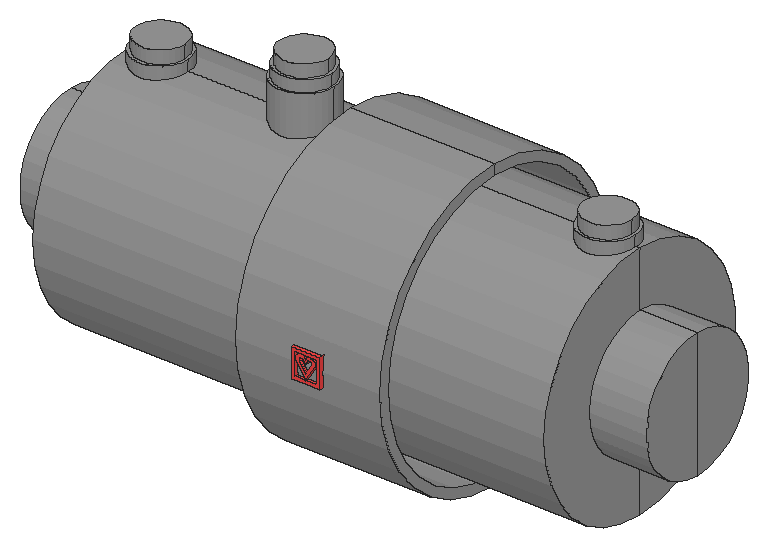
Revit family "HERZ System Separator 0307 AG-AG", category Rohrzubehör, Revit 2018
Family settings
  Bemaßung runder Anschluss = Durchmesser verwenden
  Teiletyp = Unterbricht
  OmniClass-Nummer = 23.65.55.14
  OmniClass-Titel = Valves for Liquid Services
  Arbeitsebenenbasiert = Nein
  Immer vertikal = Ja
  Beim Laden mit Abzugskörper schneiden = Nein
  Gemeinsam genutzt = Nein
Parameters (values of type "AG-AG DN40-DN40")
  URL = "www.herzvalves.com"
  SCTWSEQ = "AW;SBT_TYP_AW=\"104\";2"
  SCTWCODE = "04;12;02"  # constant formula
  S03 = 15.000 mm  # constant formula
  S02 = 45.000 mm  # constant formula
  S01 = 98.000 mm  # constant formula
  Nennweite Ein [instance] = if(AG_AG_DN40_DN40, 40.000 mm, if(AG_AG_DN40_DN50, 40.000 mm, if(AG_AG_DN50_DN40, 50.000 mm, if(AG_AG_DN50_DN50, 50.000 mm, 0.000 mm))))  # 40.000 mm
  Nennweite Aus [instance] = if(AG_AG_DN40_DN40, 40.000 mm, if(AG_AG_DN40_DN50, 50.000 mm, if(AG_AG_DN50_DN40, 40.000 mm, if(AG_AG_DN50_DN50, 50.000 mm, 0.000 mm))))  # 40.000 mm
  Model = "The backflow preventer has been developed in accordance with the standard DIN EN 1717.\r\nAccording to this standard, the water quality is divided up into 5 classes depending on the degree of contamination.\r\nBackflow preventers of type BA provide protection against non-drinking water up to hazard class 4.\r\nThis is the highest hazard class that may be safeguarded with a valve.\r\nSafeguarding a standpipe with a lower form of protection than a system separator of type BA per DIN EN 1717 is no longer reflective of current engineering practice and the operator is therefore liable in the event of damage with such a standpipe.\r\nThe functional unit is designed as a single-piece cartridge with large-dimension control piston and pressure surge-damped discharge valve system.\r\nThreaded connections are mutually interchangeable, whereby 16 possible connection variants exist (intake and outlet side available in 1 1/2\" inner or outer thread, alternatively in 2\" inner or outer thread)."
  Medium = "Water (without steam)"  # constant formula
  Max. permissible temperature (short-term) = 80 °C  # constant formula
  Max. operating temperature = 65 °C  # constant formula
  Max. operating pressure = 1000000.0 Pa  # constant formula
  L05 = 73.000 mm  # constant formula
  L04 = 28.000 mm  # constant formula
  L03 = 87.500 mm  # constant formula
  L02 = 18.000 mm  # constant formula
  L01 = 196.000 mm  # constant formula
  Installation position = "Horizontal or perpendicular pointing downwards"  # constant formula
  Note = "Pursuant to Article 33 of the REACH Regulation (EC No. 1907/2006), we are obliged to point out that the material lead is listed on the SVHC list and that all brass components manufactured in our products exceed 0.1% (w / w) lead (CAS: 7439-92-1 / EINECS: 231-100-4).\r\nSince lead is a component part of an alloy, actual exposure is not possible and therefore no additional information on safe use is necessary."
  Hersteller = "HERZ Armaturen Ges.m.b.H."  # constant formula
  D02 = 45.000 mm  # constant formula
  D01 = 37.500 mm  # constant formula
  Body = "stainless steel"  # constant formula
  Part number [instance] = if(AG_AG_DN40_DN40, "I030703", if(AG_AG_DN40_DN50, "I030711", if(AG_AG_DN50_DN40, "I030715", if(AG_AG_DN50_DN50, "I030707", "0"))))  # "I030703"
  Application = "The backflow preventer is an economical solution for retrofitting to standpipes that are required to have a mandatory safety valve according to DIN EN 1717 for preventing the back-suction, back-flowing or back-pressuring of non-drinking water into the drinking water line.\r\nThe backflow preventer is suitable for horizontal installation.\r\nIt can also be fitted perpendicular, although only pointing downwards.\r\nIt is not approved for installation in a riser."
  AG_AG_DN50_DN50 = no
  AG_AG_DN50_DN40 = no
  AG_AG_DN40_DN50 = no
  AG_AG_DN40_DN40 = yes
  AG Aus [instance] = Nennweite Aus / 2  # 20.000 mm
  AG Ein [instance] = Nennweite Ein / 2  # 20.000 mm
Types (5, lengths in mm): name | Nennweite Ein | Nennweite Aus | Model | Part number | AG_AG_DN50_DN50 | AG_AG_DN50_DN40 | AG_AG_DN40_DN50 | AG_AG_DN40_DN40 | AG Aus | AG Ein
  (no name) | 40.000 | 40.000 | "The backflow preventer has been developed in accordance with the standard DIN EN 1717.\r\nAccording to this standard, the water quality is divided up into 5 classes depending on the degree of contamination.\r\nBackflow preventers of type BA provide protection against non-drinking water up to hazard class 4.\r\nThis is the highest hazard class that may be safeguarded with a valve.\r\nSafeguarding a standpipe with a lower form of protection than a system separator of type BA per DIN EN 1717 is no longer reflective of current engineering practice and the operator is therefore liable in the event of damage with such a standpipe.\r\nThe functional unit is designed as a single-piece cartridge with large-dimension control piston and pressure surge-damped discharge valve system.\r\nThreaded connections are mutually interchangeable, whereby 16 possible connection variants exist (intake and outlet side available in 1 1/2\" inner or outer thread, alternatively in 2\" inner or outer thread)." | "I030703" | no | no | no | yes | 20.000 | 20.000
  AG-AG DN40-DN50 | 40.000 | 50.000 | "The backflow preventer has been developed in accordance with the standard DIN EN 1717.\r\nAccording to this standard, the water quality is divided up into 5 classes depending on the degree of contamination.\r\nBackflow preventers of type BA provide protection against non-drinking water up to hazard class 4.\r\nThis is the highest hazard class that may be safeguarded with a valve.\r\nSafeguarding a standpipe with a lower form of protection than a system separator of type BA per DIN EN 1717 is no longer reflective of current engineering practice and the operator is therefore liable in the event of damage with such a standpipe.\r\n\r\nThe functional unit is designed as a single-piece cartridge with large-dimension control piston and pressure surge-damped discharge valve system.\r\nThreaded connections are mutually interchangeable, whereby 16 possible connection variants exist (intake and outlet side available in 1 1/2\" inner or outer thread, alternatively in 2\" inner or outer thread)." | "I030711" | no | no | yes | no | 25.000 | 20.000
  AG-AG DN40-DN40 | 40.000 | 40.000 | "The backflow preventer has been developed in accordance with the standard DIN EN 1717.\r\nAccording to this standard, the water quality is divided up into 5 classes depending on the degree of contamination.\r\nBackflow preventers of type BA provide protection against non-drinking water up to hazard class 4.\r\nThis is the highest hazard class that may be safeguarded with a valve.\r\nSafeguarding a standpipe with a lower form of protection than a system separator of type BA per DIN EN 1717 is no longer reflective of current engineering practice and the operator is therefore liable in the event of damage with such a standpipe.\r\nThe functional unit is designed as a single-piece cartridge with large-dimension control piston and pressure surge-damped discharge valve system.\r\nThreaded connections are mutually interchangeable, whereby 16 possible connection variants exist (intake and outlet side available in 1 1/2\" inner or outer thread, alternatively in 2\" inner or outer thread)." | "I030703" | no | no | no | yes | 20.000 | 20.000
  AG-AG DN50-DN50 | 50.000 | 50.000 | "The backflow preventer has been developed in accordance with the standard DIN EN 1717.\r\nAccording to this standard, the water quality is divided up into 5 classes depending on the degree of contamination.\r\nBackflow preventers of type BA provide protection against non-drinking water up to hazard class 4.\r\nThis is the highest hazard class that may be safeguarded with a valve.\r\nSafeguarding a standpipe with a lower form of protection than a system separator of type BA per DIN EN 1717 is no longer reflective of current engineering practice and the operator is therefore liable in the event of damage with such a standpipe.\r\n\r\nThe functional unit is designed as a single-piece cartridge with large-dimension control piston and pressure surge-damped discharge valve system.\r\nThreaded connections are mutually interchangeable, whereby 16 possible connection variants exist (intake and outlet side available in 1 1/2\" inner or outer thread, alternatively in 2\" inner or outer thread)." | "I030707" | yes | no | no | no | 25.000 | 25.000
  AG-AG DN50-DN40 | 50.000 | 40.000 | "The backflow preventer has been developed in accordance with the standard DIN EN 1717.\r\nAccording to this standard, the water quality is divided up into 5 classes depending on the degree of contamination.\r\nBackflow preventers of type BA provide protection against non-drinking water up to hazard class 4.\r\nThis is the highest hazard class that may be safeguarded with a valve.\r\nSafeguarding a standpipe with a lower form of protection than a system separator of type BA per DIN EN 1717 is no longer reflective of current engineering practice and the operator is therefore liable in the event of damage with such a standpipe.\r\n\r\nThe functional unit is designed as a single-piece cartridge with large-dimension control piston and pressure surge-damped discharge valve system.\r\nThreaded connections are mutually interchangeable, whereby 16 possible connection variants exist (intake and outlet side available in 1 1/2\" inner or outer thread, alternatively in 2\" inner or outer thread)." | "I030715" | no | yes | no | no | 20.000 | 25.000
Reference planes
  plane 1 "Mitte (Vorne/hinten)": y = 0
  plane 2: z = 0
  plane 3 "Mitte (Links/rechts)": x = 0
Forms (mm)
  Revolve 1, solid, material "Messing, weicher Gelbton, geschweißt", detail levels fine
    sketch origin (0, 0, 0) x (1, 0, 0) y (0, 0, 1)
      loop
        line (-98, 0) -> (98, 0) -> (98, 20) -> (80, 20) -> (80, 37.5) -> (-80, 37.5) -> (-80, 20) -> (-98, 20) -> (-98, 0)
      axis (-98, 0) -> (98, 0)
    angle from 0 to 360
  Revolve 2, solid, material "Acetalharz, Schwarz", detail levels fine
    sketch origin (0, 0, 0) x (1, 0, 0) y (0, 0, 1)
      loop
        line (-10.5, 0) -> (1.5, 0) -> (1.5, 42) -> (34.5, 42) -> (34.5, 45) -> (-10.5, 45) -> (-10.5, 0)
      axis (-10.5, 0) -> (34.5, 0)
    angle from 0 to 360
  Extrusion 3, solid, material "Messing, weicher Gelbton, geschweißt", detail levels fine
    sketch origin (0, 0, 0) x (1, 0, 0) y (0, 1, 0)
      loop
        circle (-70, 0) r 8.5
      loop
        circle (70, 0) r 8.5
    from 0 to 40.5
  Extrusion 4, solid, material "Acetalharz, Schwarz", detail levels fine
    sketch origin (0, 0, 0) x (1, 0, 0) y (0, 1, 0)
      loop
        circle (-70, 0) r 7.5
      loop
        circle (70, 0) r 7.5
    from 40.5 to 44.5
  Extrusion 5, solid, material "Messing, weicher Gelbton, geschweißt", detail levels fine
    sketch origin (0, 0, 0) x (1, 0, 0) y (0, 1, 0)
      loop
        circle (-25, 0) r 9.3
    from 0 to 49
  Extrusion 6, solid, material "Messing, weicher Gelbton, geschweißt", detail levels fine
    sketch origin (0, 0, 0) x (1, 0, 0) y (0, 1, 0)
      loop
        circle (-25, 0) r 8.5
    from 49 to 52.5
  Extrusion 7, solid, material "Acetalharz, Schwarz", visible <- "AG_AG_DN40_DN50", detail levels fine
    sketch origin (0, 0, 0) x (1, 0, 0) y (0, 1, 0)
      loop
        circle (-25, 0) r 7.5
    from 52.5 to 56.5
  Extrusion 8, solid, material "Acetalharz, Schwarz", visible <- "AG_AG_DN40_DN40", detail levels fine
    sketch origin (0, 0, 0) x (1, 0, 0) y (0, 1, 0)
      loop
        circle (-25, 0) r 7.5
    from 52.5 to 56.4
  Extrusion 9, solid, material "Acetalharz, Schwarz", visible <- "AG_AG_DN50_DN50", detail levels fine
    sketch origin (0, 0, 0) x (1, 0, 0) y (0, 1, 0)
      loop
        circle (-25, 0) r 7.5
    from 52.5 to 56.3
  Extrusion 10, solid, material "Acetalharz, Schwarz", visible <- "AG_AG_DN50_DN40", detail levels fine
    sketch origin (0, 0, 0) x (1, 0, 0) y (0, 1, 0)
      loop
        circle (-25, 0) r 7.5
    from 52.5 to 56.2
Lines and regions (mm)
  model lines, detail levels coarse+medium
    curve 1: line (-98, 0, 37.5) -> (98, 0, 37.5)
    curve 2: line (-98, 0, -37.5) -> (-98, 0, 37.5)
    curve 3: line (98, 0, -37.5) -> (-98, 0, -37.5)
    curve 4: line (98, 0, 37.5) -> (98, 0, -37.5)
    curve 5: line (-98, 0, -22.5) -> (-53, 0, -22.5)
    curve 6: line (0, 0, -22.5) -> (98, 0, -22.5)
    curve 7: line (-98, 0, 22.5) -> (-53, 0, 22.5)
    curve 8: line (0, 0, 22.5) -> (98, 0, 22.5)
    curve 9: line (-98, 37.5, 0) -> (98, 37.5, 0)
    curve 10: line (-98, -37.5, 0) -> (-98, 37.5, 0)
    curve 11: line (98, -37.5, 0) -> (-98, -37.5, 0)
    curve 12: line (98, 37.5, 0) -> (98, -37.5, 0)
    curve 13: line (-98, 22.5, 0) -> (-53, 22.5, 0)
    curve 14: line (0, 22.5, 0) -> (98, 22.5, 0)
    curve 15: line (-98, -22.5, 0) -> (-53, -22.5, 0)
    curve 16: line (0, -22.5, 0) -> (98, -22.5, 0)
Dimensions and locks
  "L02": Revolve 1 sketch curve to Revolve 1 sketch curve  (x2)
  "L01": Revolve 1 sketch curve to Revolve 1 sketch curve
  equal spacing: Revolve 1 sketch curve, plane 3 "Mitte (Links/rechts)", Revolve 1 sketch curve
  "AG Ein": Revolve 1 sketch curve to plane 2
  "AG Aus": Revolve 1 sketch curve to plane 2
  "D01": Revolve 1 sketch curve to plane 2
  "L03": Revolve 1 to Revolve 2 sketch curve
  equal spacing: curve 4, plane 3 "Mitte (Links/rechts)", curve 2
  "L01": curve 4 to curve 2
  "D01": curve 1 to plane 2 to curve 3
  "S03": curve 5 to curve 3
  "S03": curve 1 to curve 7
  "S03": curve 1 to curve 8
  "S03": curve 6 to curve 3
  "S02": curve 5 to curve 2
  "S02": curve 7 to curve 2
  "S01": curve 8 to curve 4
  "S01": curve 6 to curve 4
  equal spacing: curve 10, plane 3 "Mitte (Links/rechts)", curve 12
  "L01": curve 10 to curve 12
  "D01": curve 11 to plane 1 "Mitte (Vorne/hinten)" to curve 9
  "S03": curve 13 to curve 9
  "S03": curve 11 to curve 15
  "S03": curve 14 to curve 9
  "S03": curve 11 to curve 16
  "S01": curve 14 to curve 12
  "S01": curve 16 to curve 12
  "S02": curve 10 to curve 15
  "S02": curve 10 to curve 13
  "D02": Revolve 2 sketch curve to Revolve 2 sketch curve
  equal spacing: Revolve 2, nested 1, Revolve 2
  "D02": nested 1 to plane 1 "Mitte (Vorne/hinten)"
  "L04": Revolve 1 to Extrusion 3 sketch curve
  "L04": Extrusion 3 sketch curve to Revolve 1
  "L04": Extrusion 4 sketch curve to Revolve 1
  "L04": Revolve 1 to Extrusion 4 sketch curve
  "L05": Revolve 1 to Extrusion 5 sketch curve
  "L05": Revolve 1 to Extrusion 6 sketch curve
  "L05": Revolve 1 to Extrusion 10 sketch curve
  "L05": Revolve 1 to Extrusion 9 sketch curve
  "L05": Revolve 1 to Extrusion 8 sketch curve
  "L05": Revolve 1 to Extrusion 7 sketch curve
  aligned and locked: level to plane 2
Automatic sketch dimensions
  Revolve 1 sketch curve to level = 0.000 mm  (x2)
  Revolve 1 sketch curve to Revolve 1 sketch curve = 1408.530 mm
  Revolve 1 sketch curve to Revolve 1 sketch curve = 1741.148 mm
  Revolve 2 sketch curve to level = 0.000 mm  (x2)
  plane 3 "Mitte (Links/rechts)" to Revolve 2 sketch curve = 1.500 mm
  Revolve 2 sketch curve to Revolve 2 sketch curve = 33.000 mm
  Revolve 2 sketch curve to Revolve 2 sketch curve = 3.000 mm
  Revolve 2 sketch curve to Revolve 2 sketch curve = 1496.030 mm
  Revolve 2 sketch curve to Revolve 2 sketch curve = 1804.648 mm
  plane 1 "Mitte (Vorne/hinten)" to Extrusion 3 sketch curve = 0.000 mm  (x2)
  plane 1 "Mitte (Vorne/hinten)" to Extrusion 4 sketch curve = 0.000 mm  (x2)
  plane 1 "Mitte (Vorne/hinten)" to Extrusion 5 sketch curve = 0.000 mm
  plane 1 "Mitte (Vorne/hinten)" to Extrusion 6 sketch curve = 0.000 mm
  plane 1 "Mitte (Vorne/hinten)" to Extrusion 7 sketch curve = 0.000 mm
  plane 1 "Mitte (Vorne/hinten)" to Extrusion 8 sketch curve = 0.000 mm
  plane 1 "Mitte (Vorne/hinten)" to Extrusion 9 sketch curve = 0.000 mm
  plane 1 "Mitte (Vorne/hinten)" to Extrusion 10 sketch curve = 0.000 mm
  radius of Extrusion 3 sketch curve = 8.500 mm  (x2)
  radius of Extrusion 4 sketch curve = 7.500 mm  (x2)
  radius of Extrusion 5 sketch curve = 9.300 mm
  radius of Extrusion 6 sketch curve = 8.500 mm
  radius of Extrusion 7 sketch curve = 7.500 mm
  radius of Extrusion 8 sketch curve = 7.500 mm
  radius of Extrusion 9 sketch curve = 7.500 mm
  radius of Extrusion 10 sketch curve = 7.500 mm
Nested families
  nested 1: "Herz-Logo-vorne" at (12, -45, 0) x (0, 1, 0) z (0, 0, 1), type "Herz-Logo-vorne", detail levels fine
Connectors
  piping at (-98, 0, 0), diameter 40, driven by "Nennweite Ein"
    settings: on Revolve 1, index 2, connector inside diameter 609.6 mm, connector length 0.000 mm, flow factor 0, pipe flow 0.0 L/s, pressure drop 0.0 Pa, fitting loss kfactor 0, connector angle 0.00°, fixture units 0, engagement length 0.000 mm, angle of deflection 0.00°, flow configuration 0, flow direction 1, fitting loss method 0, system type 29, joint type 0, gender type 0, connector reference index -1, connector utility 0, adjustable connector no, is connector primary yes, connector description ""
  piping at (98, 0, 0), diameter 40, driven by "Nennweite Aus"
    settings: on Revolve 1, index 3, connector inside diameter 609.6 mm, connector length 0.000 mm, flow factor 0, pipe flow 0.0 L/s, pressure drop 0.0 Pa, fitting loss kfactor 0, connector angle 0.00°, fixture units 0, engagement length 0.000 mm, angle of deflection 0.00°, flow configuration 0, flow direction 2, fitting loss method 0, system type 29, joint type 0, gender type 0, connector reference index -1, connector utility 0, adjustable connector no, is connector primary no, connector description ""
Definition of nested family "Herz-Logo-vorne"
  Reference planes
    plane 1 "Mitte (Vorne/hinten)": y = 0
    plane 2: z = 0
    plane 3 "Mitte (Links/rechts)": x = 0
  Forms (mm)
    Extrusion 1, solid
      sketch origin (0.732, -0.018, 0.017) x (0, -1, 0) y (0, 0, 1)
        loop
          line (-0.018, -4.517) -> (4.482, -4.517) -> (4.482, 4.483) -> (-4.518, 4.483) -> (-4.518, -4.517) -> (-0.018, -4.517)
        loop
          line (-0.05, -3.48) -> (3.482, -3.48) -> (3.482, 3.483) -> (-3.518, 3.483) -> (-3.518, -3.48) -> (-0.05, -3.48)
        loop
          arc (-0.018, 2.383) -> (-1.543, 3.287) -> (-3.067, 2.383) r 1.738
          arc (-3.067, 2.383) -> (-3.191, 1.899) -> (-3.067, 1.415) r 1.009
          line (-3.067, 1.415) -> (-0.018, -3.281) -> (3.032, 1.415)
          arc (3.032, 1.415) -> (3.156, 1.899) -> (3.032, 2.383) r 1.009
          arc (3.032, 2.383) -> (1.507, 3.287) -> (-0.018, 2.383) r 1.738
        loop
          arc (1.885, 1.272) -> (2.005, 1.675) -> (1.885, 2.079) r 0.74
          arc (1.885, 2.079) -> (1.265, 2.416) -> (0.644, 2.079) r 0.74
          line (0.644, 2.079) -> (-0.018, 0.97) -> (-0.679, 2.079)
          arc (-0.679, 2.079) -> (-1.3, 2.416) -> (-1.921, 2.079) r 0.74
          arc (-1.921, 2.079) -> (-2.04, 1.675) -> (-1.921, 1.272) r 0.74
          line (-1.921, 1.272) -> (-0.018, -1.658) -> (1.885, 1.272)
      from 0 to 1.5
  Dimensions and locks
    aligned and locked: level to plane 2
